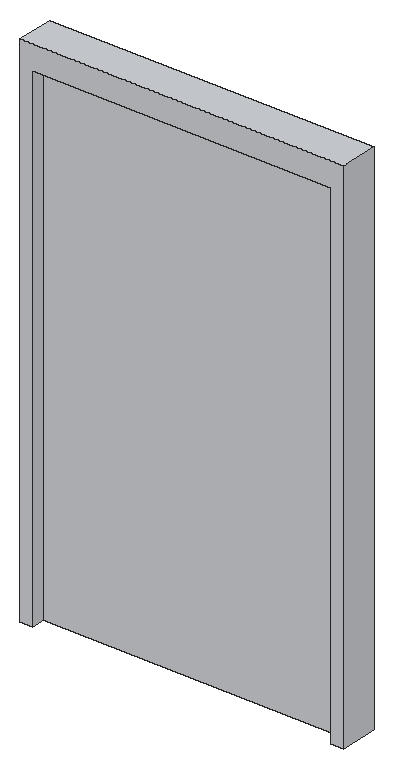
Revit family "Door 3A", category Doors, host Wall, Revit 2025
Family settings
  Host = Wall
  OmniClass Number = 23.30.10.00
  OmniClass Title = Doors
  Always vertical = Yes
  Cut with Voids When Loaded = No
  Shared = No
  Room Calculation Point = No
Parameters
  Thickness = 0' - 1 3/4"
  Function = Interior
  Frame Width Upper = 0' - 4"
  Frame Thickness = 0' - 6"
  Frame Width = 0' - 2"
  Height = 7' - 0"
  Wall Closure = By host
  Width = 4' - 4"
Reference planes (in)
  plane 1 "Center (Front/Back)": y = 0
  plane 2 "Center (Left/Right)": x = 0
  plane 3 "Left": x = -26
  plane 4 "Right": x = 26
  plane 5 "Top": z = 84
  plane 6 "Exterior": y = 7
  plane 7 "Interior": y = -7
  plane 8: y = 0
  plane 9: y = -3
  plane 10: y = 3
Forms (in)
  Extrusion 1, solid, detail levels fine
    sketch origin (0, 0, 0) x (1, 0, 0) y (0, 1, 0)
      loop
        line (-24, 0.875) -> (-24, -0.875) -> (24, -0.875) -> (24, 0.875) -> (-24, 0.875)
    from 0 to 80
  Extrusion 2, solid
    sketch origin (0, 0, 0) x (1, 0, 0) y (0, 0, 1)
      loop
        line (-26, 0) -> (-24, 0) -> (-24, 80) -> (24, 80) -> (24, 0) -> (26, 0) -> (26, 84) -> (-26, 84) -> (-26, 0)
    from -3 to 3
Lines and regions (in)
  Opening 1
    outline origin (-90, -7, 0) x (1, 0, 0) y (0, 0, 1)
      loop
        line (64, 0) -> (116, 0) -> (116, 84) -> (64, 84) -> (64, 0)
  symbolic lines
    curve 1: line (-24, 3, 0) -> (-24, 51, 0)
    curve 2: line (-24, 51, 0) -> (-22, 51, 0)
    curve 3: line (-22, 51, 0) -> (-22, 3, 0)
    curve 4: line (-22, 3, 0) -> (-24, 3, 0)
    curve 5: line (23, 1, 0) -> (23, -1, 0)
    curve 6: line (23, -1, 0) -> (24, -1, 0)
    curve 7: line (24, -1, 0) -> (24, -3, 0)
    curve 8: line (24, -3, 0) -> (26, -3, 0)
    curve 9: line (26, -3, 0) -> (26, 3, 0)
    curve 10: line (26, 3, 0) -> (24, 3, 0)
    curve 11: line (24, 3, 0) -> (24, 1, 0)
    curve 12: line (24, 1, 0) -> (23, 1, 0)
    curve 21: line (-23, 1, 0) -> (-23, -1, 0)
    curve 22: line (-23, -1, 0) -> (-24, -1, 0)
    curve 23: line (-24, -1, 0) -> (-24, -3, 0)
    curve 24: line (-24, -3, 0) -> (-26, -3, 0)
    curve 25: line (-26, -3, 0) -> (-26, 3, 0)
    curve 26: line (-26, 3, 0) -> (-24, 3, 0)
    curve 27: line (-24, 3, 0) -> (-24, 1, 0)
    curve 28: line (-24, 1, 0) -> (-23, 1, 0)
    curve 29: arc (-22, 51, 0) -> (11.94113, 36.94113, 0) -> (26, 3, 0) r 48
  symbolic lines, not visible
    curve 13: line (23, 1, 0) -> (23, -1, 0)
    curve 14: line (23, -1, 0) -> (24, -1, 0)
    curve 15: line (24, -1, 0) -> (24, -3, 0)
    curve 16: line (24, -3, 0) -> (26, -3, 0)
    curve 17: line (26, -3, 0) -> (26, 3, 0)
    curve 18: line (26, 3, 0) -> (24, 3, 0)
    curve 19: line (24, 3, 0) -> (24, 1, 0)
    curve 20: line (24, 1, 0) -> (23, 1, 0)
Text (in)
  text "Exterior" at (-71.22539, 20.51343, 0), in view "Ref. Level"
  text "Interior" at (-71.22539, -15.26908, 0), in view "Ref. Level"
  text "Exterior" at (0, 40.15149, 123.01588), in view "Right"
  text "Interior" at (0, -64.39139, 123.01588), in view "Right"
  text "Interior" at (0, -31.01599, 123.00693), in view "Left"
  text "Exterior" at (0, 54.57065, 123.00693), in view "Left"
Dimensions and locks (in)
  equal spacing: Extrusion 1 sketch curve, host wall, Extrusion 1 sketch curve
  "Thickness": Extrusion 1 sketch curve to Extrusion 1 sketch curve
  equal spacing: plane 3 "Left", plane 2 "Center (Left/Right)", plane 4 "Right"
  "Width": plane 3 "Left" to plane 4 "Right"
  "Frame Width": Extrusion 2 sketch curve to Extrusion 2 sketch curve  (x2)
  "Frame Width Upper": plane 5 "Top" to Extrusion 2 sketch curve
  equal spacing: plane 10, plane 8, plane 9
  "Frame Thickness": plane 9 to plane 10
  "Height": plane 5 "Top" to level
  aligned and locked: plane 3 "Left" to Opening 1 sketch curve
  aligned and locked: plane 5 "Top" to Opening 1 sketch curve  (x2)
  aligned and locked: Opening 1 sketch curve to plane 4 "Right"
  aligned and locked: Opening 1 sketch curve to level
  aligned and locked: plane 6 "Exterior" to host wall
  aligned and locked: plane 7 "Interior" to host wall
  aligned and locked: plane 3 "Left" to Extrusion 2 sketch curve
  aligned and locked: Extrusion 2 sketch curve to plane 4 "Right"
  aligned and locked: Extrusion 2 sketch curve to plane 5 "Top"
  aligned and locked: Extrusion 2 to plane 10
  aligned and locked: Extrusion 2 to plane 9
  aligned and locked: Extrusion 2 to Extrusion 1 sketch curve  (x2)
  aligned and locked: Extrusion 1 to Extrusion 2
  aligned and locked: curve 9 to plane 4 "Right"
  aligned and locked: curve 25 to plane 3 "Left"
Automatic sketch dimensions
  Extrusion 2 sketch curve to level = 0' - 0"  (x2)
  plane 10 to curve 4 = 0' - 0"
  plane 10 to curve 29 = 0' - 0"
  curve 29 to plane 4 "Right" = 0' - 0"
  curve 29 to plane 3 "Left" = 0' - 4"
  curve 1 to curve 29 = 0' - 2"
